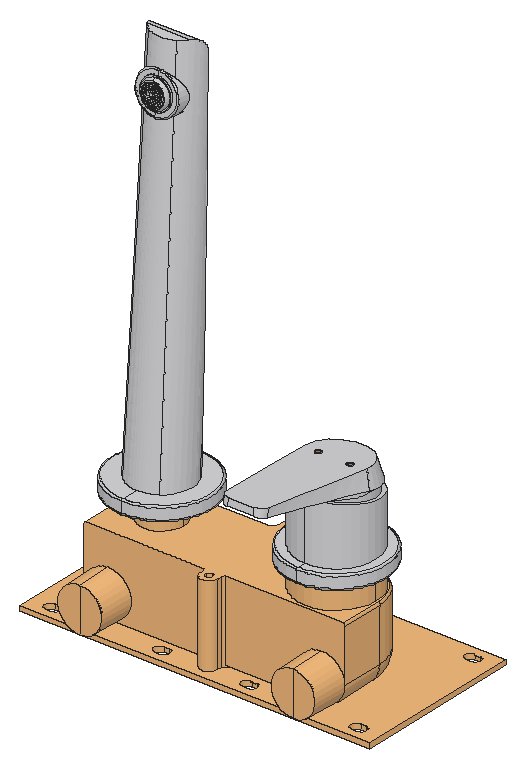
Revit family "Faucet-Wall_Mount-Lavatory-KOHLER-AVID-97358D-1", category Plumbing Fixtures, host Face, Revit 2017 (continued)
Definition of nested family "97358D"
  Lines and regions (in)
    symbolic lines, detail levels medium+fine
      curve 45: line (0, -0.51181, -0.25549) -> (0, -0.47699, -0.27559)
      curve 46: line (0, -0.51181, -0.25549) -> (0, -0.51181, -0.21696)
      curve 47: arc (0, -0.51181, -0.21696) -> (0, -0.50592, -0.20274) -> (0, -0.49171, -0.19685) r 0.02011
      curve 48: line (0, 0.31299, -0.19685) -> (0, 0.31299, -0.03937)
      curve 49: line (0, -0.31299, -0.19685) -> (0, -0.31299, -0.03937)
      curve 50: line (0, -0.51181, -0.25549) -> (0, 0.51181, -0.25549)
      curve 51: arc (0, -0.09394, 8.69597) -> (0, 0.16195, 8.18017) -> (0, -0.16621, 7.70705) r 0.56612
      curve 52: line (0.71724, 0, 0.31496) -> (-0.72126, 0, 0.31496)
      curve 53: spline (-0.61236, 0, 8.95093) -> (-0.61682, 0, 8.23127) -> (-0.62008, 0, 7.51159) -> (-0.62214, 0, 6.79192) -> (-0.623, 0, 6.07224) -> (-0.62267, 0, 5.35256) -> (-0.62114, 0, 4.63288) -> (-0.61841, 0, 3.91321) -> (-0.61449, 0, 3.19354) -> (-0.60936, 0, 2.47388) -> (-0.60304, 0, 1.75423) -> (-0.59552, 0, 1.03459) -> (-0.5868, 0, 0.31496)
      curve 54: spline (0.60567, 0, 1.71285) -> (0.61198, 0, 2.316) -> (0.61728, 0, 2.91916) -> (0.62157, 0, 3.52233) -> (0.62484, 0, 4.12551) -> (0.6271, 0, 4.72869) -> (0.62834, 0, 5.33187) -> (0.62857, 0, 5.93505) -> (0.62778, 0, 6.53824) -> (0.62598, 0, 7.14142) -> (0.62316, 0, 7.74459) -> (0.61933, 0, 8.34777) -> (0.61448, 0, 8.95093)
      curve 55: spline (0.58681, 0, 0.31496) -> (0.58862, 0, 0.43145) -> (0.59039, 0, 0.54794) -> (0.59212, 0, 0.66443) -> (0.59381, 0, 0.78091) -> (0.59545, 0, 0.8974) -> (0.59704, 0, 1.0139) -> (0.5986, 0, 1.13039) -> (0.60011, 0, 1.24688) -> (0.60158, 0, 1.36337) -> (0.60301, 0, 1.47986) -> (0.60439, 0, 1.59636) -> (0.60573, 0, 1.71285)
      curve 56: line (1.14173, 0, 0.28346) -> (-1.14173, 0, 0.28346)
      curve 57: line (1.14173, 0, 0.0315) -> (-1.14173, 0, 0.0315)
      curve 58: line (0.31299, 0, -0.03937) -> (-0.31299, 0, -0.03937)
      curve 59: line (0.51181, 0, -0.25549) -> (-0.51181, 0, -0.25549)
      curve 60: line (0.31299, 0, -0.19685) -> (-0.31299, 0, -0.19685)
      curve 61: line (0.47699, 0, -0.27559) -> (-0.47699, 0, -0.27559)
      curve 62: line (0.51181, 0, -0.53937) -> (-0.51181, 0, -0.53937)
      curve 63: line (4.90551, 0, -0.53937) -> (3.09449, 0, -0.53937)
      curve 64: line (4.90497, 0, 0.31496) -> (3.09449, 0, 0.31496)
      curve 65: line (5.14173, 0, 0.28346) -> (2.85827, 0, 0.28346)
      curve 66: line (5.14173, 0, 0.0315) -> (2.85827, 0, 0.0315)
      curve 67: spline (4, 0, 1.35217) -> (4.12249, 0, 1.35392) -> (4.24254, 0, 1.3585) -> (4.35802, 0, 1.3658) -> (4.46686, 0, 1.37572) -> (4.56713, 0, 1.38806) -> (4.65704, 0, 1.40261) -> (4.735, 0, 1.41911) -> (4.79961, 0, 1.43727) -> (4.84972, 0, 1.45676) -> (4.88443, 0, 1.47723) -> (4.90314, 0, 1.49832) -> (4.90551, 0, 1.51966)
      curve 68: spline (3.09622, 0, 1.52446) -> (3.09502, 0, 1.50272) -> (3.11082, 0, 1.48115) -> (3.14332, 0, 1.46016) -> (3.19192, 0, 1.44012) -> (3.25572, 0, 1.42141) -> (3.33355, 0, 1.40438) -> (3.42397, 0, 1.38934) -> (3.52529, 0, 1.37656) -> (3.63566, 0, 1.3663) -> (3.75303, 0, 1.35872) -> (3.87523, 0, 1.35398) -> (4, 0, 1.35217)
      curve 69: spline (4.79284, 0, 1.65786) -> (4.72768, 0, 1.62905) -> (4.62823, 0, 1.60336) -> (4.49916, 0, 1.582) -> (4.34658, 0, 1.56599) -> (4.17769, 0, 1.55608) -> (4.00046, 0, 1.55274) -> (3.82326, 0, 1.55613) -> (3.65446, 0, 1.56608) -> (3.50202, 0, 1.58213) -> (3.37314, 0, 1.60352) -> (3.2739, 0, 1.62924) -> (3.20899, 0, 1.65807)
      curve 70: arc (4.32225, 0, 1.38299) -> (4.00682, 0, 1.37016) -> (3.69138, 0, 1.38299) r 3.8827
      curve 71: arc (4.64473, 0, 1.42821) -> (4.48415, 0, 1.40093) -> (4.32225, 0, 1.38299) r 2.80984
      curve 72: arc (4.74815, 0, 1.46647) -> (4.69795, 0, 1.44327) -> (4.64473, 0, 1.42821) r 0.35241
      curve 73: arc (3.69138, 0, 1.38299) -> (3.57189, 0, 1.39467) -> (3.45284, 0, 1.41018) r 3.73503
      curve 74: arc (3.45284, 0, 1.41018) -> (3.36731, 0, 1.42696) -> (3.28379, 0, 1.45187) r 0.90647
      curve 75: arc (3.28379, 0, 1.45187) -> (3.25646, 0, 1.46368) -> (3.23102, 0, 1.47916) r 0.21403
      curve 76: line (4.79284, 0, 1.58905) -> (4.79284, 0, 1.52057)
      curve 77: line (3.20716, 0, 1.58905) -> (3.20716, 0, 1.51576)
      curve 78: arc (3.23102, 0, 1.47916) -> (3.2156, 0, 1.49519) -> (3.20716, 0, 1.51576) r 0.0594
      curve 79: arc (4.79284, 0, 1.52057) -> (4.77554, 0, 1.48935) -> (4.74815, 0, 1.46647) r 0.09732
      curve 80: spline (3.30011, 0, 2.10327) -> (3.31211, 0, 2.08551) -> (3.37549, 0, 2.06871) -> (3.48551, 0, 2.05413) -> (3.63396, 0, 2.04286) -> (3.80974, 0, 2.03574) -> (3.99973, 0, 2.03331) -> (4.18974, 0, 2.03573) -> (4.36557, 0, 2.04284) -> (4.51409, 0, 2.05411) -> (4.62421, 0, 2.06868) -> (4.6877, 0, 2.08547) -> (4.69982, 0, 2.10323)
      curve 81: spline (3.63499, 0, 2.11454) -> (3.65255, 0, 2.11433) -> (3.66891, 0, 2.1137) -> (3.68297, 0, 2.1127) -> (3.69375, 0, 2.11139) -> (3.70053, 0, 2.10987) -> (3.70284, 0, 2.10824) -> (3.70053, 0, 2.10661) -> (3.69375, 0, 2.1051) -> (3.68297, 0, 2.10379) -> (3.66891, 0, 2.10279) -> (3.65255, 0, 2.10216) -> (3.63499, 0, 2.10195)
      curve 82: spline (3.63499, 0, 2.10195) -> (3.61742, 0, 2.10216) -> (3.60106, 0, 2.10279) -> (3.58701, 0, 2.10379) -> (3.57622, 0, 2.1051) -> (3.56944, 0, 2.10661) -> (3.56713, 0, 2.10824) -> (3.56944, 0, 2.10987) -> (3.57622, 0, 2.11139) -> (3.58701, 0, 2.1127) -> (3.60106, 0, 2.1137) -> (3.61742, 0, 2.11433) -> (3.63499, 0, 2.11454)
      curve 83: spline (4.36448, 0, 2.10195) -> (4.34692, 0, 2.10216) -> (4.33055, 0, 2.10279) -> (4.3165, 0, 2.10379) -> (4.30572, 0, 2.1051) -> (4.29894, 0, 2.10661) -> (4.29663, 0, 2.10824) -> (4.29894, 0, 2.10987) -> (4.30572, 0, 2.11139) -> (4.3165, 0, 2.1127) -> (4.33055, 0, 2.1137) -> (4.34692, 0, 2.11433) -> (4.36448, 0, 2.11454)
      curve 84: spline (4.36448, 0, 2.11454) -> (4.38204, 0, 2.11433) -> (4.39841, 0, 2.1137) -> (4.41246, 0, 2.1127) -> (4.42324, 0, 2.11139) -> (4.43002, 0, 2.10987) -> (4.43233, 0, 2.10824) -> (4.43002, 0, 2.10661) -> (4.42324, 0, 2.1051) -> (4.41246, 0, 2.10379) -> (4.39841, 0, 2.10279) -> (4.38204, 0, 2.10216) -> (4.36448, 0, 2.10195)
      curve 85: line (3.90721, 0, -2.3874) -> (3.52937, 0, -2.3874)
      curve 86: line (3.90721, 0, -2.34803) -> (3.90721, 0, -1.6)
      curve 87: line (3.90721, 0, -1.6) -> (3.52937, 0, -1.6)
      curve 88: line (3.52937, 0, -1.6) -> (3.52937, 0, -2.34803)
      curve 89: line (2.2908, 0, -2.3874) -> (1.69962, 0, -2.3874)
      curve 90: line (1.69962, 0, -2.34803) -> (2.2908, 0, -2.34803)
      curve 91: line (3.93894, 0, -2.4924) -> (3.50971, 0, -2.4924)
      curve 92: line (3.54134, 0, -2.53965) -> (3.90748, 0, -2.53965)
      curve 93: line (3.54134, 0, -2.59649) -> (3.90707, 0, -2.59649)
      curve 94: line (3.90121, 0, -2.61453) -> (3.54579, 0, -2.61453)
      curve 95: line (1.81608, 0, -2.59649) -> (2.18181, 0, -2.59649)
      curve 96: line (2.17596, 0, -2.61453) -> (1.82053, 0, -2.61453)
      curve 97: line (-0.46012, 0, -2.59649) -> (-0.09439, 0, -2.59649)
      curve 98: line (-0.10025, 0, -2.61453) -> (-0.45568, 0, -2.61453)
      curve 99: line (2.18222, 0, -2.53965) -> (1.81608, 0, -2.53965)
      curve 100: line (2.21453, 0, -2.4924) -> (1.78446, 0, -2.4924)
      curve 101: line (-0.0894, 0, -2.3874) -> (-0.46405, 0, -2.3874)
      curve 102: line (-0.06167, 0, -2.4924) -> (-0.49074, 0, -2.4924)
      curve 103: line (-0.09314, 0, -2.53965) -> (-0.45928, 0, -2.53965)
      curve 104: line (-0.0894, 0, -2.34779) -> (-0.0894, 0, -1.6)
      curve 105: line (-0.0894, 0, -1.6) -> (-0.46405, 0, -1.6)
      curve 106: line (-0.46405, 0, -1.6) -> (-0.46405, 0, -2.34771)
      curve 107: line (2.22938, 0, -0.53937) -> (2.22938, 0, -1.81408)
      curve 108: line (1.77028, 0, -0.53937) -> (1.77028, 0, -1.81408)
      curve 109: line (2.19545, 0, -0.53937) -> (2.19545, 0, -1.81408)
      curve 110: line (1.80455, 0, -0.53937) -> (1.80455, 0, -1.81408)
      curve 111: line (2.22938, 0, -1.81408) -> (1.77028, 0, -1.81408)
      curve 112: arc (-0.45296, -0.542, 0) -> (-0.65899, -0.25429, 0) -> (-0.69963, 0.09723, 0) r 0.70635
      curve 113: arc (0.41354, -0.57264, 0) -> (-0.02496, -0.70591, 0) -> (-0.45296, -0.542, 0) r 0.70635
      curve 114: arc (0.7026, 0.07271, 0) -> (0.64464, -0.28874, 0) -> (0.41354, -0.57264, 0) r 0.70635
      curve 115: line (-0.4926, 0.19315, 0) -> (-0.61235, 0.55061, 0)
      curve 116: arc (-0.31602, 0.03406, 0) -> (-0.41231, 0.10473, 0) -> (-0.4926, 0.19315, 0) r 0.59677
      curve 117: arc (0.31528, 0.03359, 0) -> (-0.00043, -0.05222, 0) -> (-0.31602, 0.03406, 0) r 0.62203
      curve 118: arc (0.49294, 0.19315, 0) -> (0.41214, 0.10444, 0) -> (0.31528, 0.03359, 0) r 0.59958
      curve 119: line (0.6145, 0.55061, 0) -> (0.49294, 0.19315, 0)
      curve 120: line (-0.61235, 0.55061, 0) -> (-0.69963, 0.09723, 0)
      curve 121: line (0.6145, 0.55061, 0) -> (0.7026, 0.07271, 0)
      curve 122: line (-0.49737, -0.12659, 0) -> (-0.52772, 0.24787, 0)
      curve 123: spline (0, -0.28779, 0) -> (-0.07288, -0.28709, 0) -> (-0.1408, -0.28503, 0) -> (-0.19912, -0.28175, 0) -> (-0.24387, -0.27749, 0) -> (-0.272, -0.27252, 0) -> (-0.2816, -0.26718, 0) -> (-0.272, -0.26185, 0) -> (-0.24387, -0.25688, 0) -> (-0.19912, -0.25262, 0) -> (-0.1408, -0.24934, 0) -> (-0.07288, -0.24728, 0) -> (0, -0.24658, 0)
      curve 124: spline (0, -0.24658, 0) -> (0.07288, -0.24728, 0) -> (0.1408, -0.24934, 0) -> (0.19912, -0.25262, 0) -> (0.24387, -0.25688, 0) -> (0.272, -0.26185, 0) -> (0.2816, -0.26718, 0) -> (0.272, -0.27252, 0) -> (0.24387, -0.27749, 0) -> (0.19912, -0.28175, 0) -> (0.1408, -0.28503, 0) -> (0.07288, -0.28709, 0) -> (0, -0.28779, 0)
      curve 125: spline (-0.32092, -0.19179, 0) -> (-0.34146, -0.18773, 0) -> (-0.35245, -0.18347, 0) -> (-0.3536, -0.17914, 0) -> (-0.34486, -0.17485, 0) -> (-0.32648, -0.17073, 0) -> (-0.29898, -0.16689, 0) -> (-0.26312, -0.16344, 0) -> (-0.2199, -0.16047, 0) -> (-0.17054, -0.15808, 0) -> (-0.11641, -0.15632, 0) -> (-0.05903, -0.15524, 0) -> (0, -0.15488, 0)
      curve 126: spline (0, -0.15488, 0) -> (0.05905, -0.15524, 0) -> (0.11645, -0.15632, 0) -> (0.17059, -0.15808, 0) -> (0.21996, -0.16048, 0) -> (0.26318, -0.16344, 0) -> (0.29903, -0.1669, 0) -> (0.32653, -0.17074, 0) -> (0.34489, -0.17486, 0) -> (0.35361, -0.17915, 0) -> (0.35243, -0.18348, 0) -> (0.3414, -0.18774, 0) -> (0.32083, -0.19181, 0)
      curve 127: spline (-0.36207, -0.15028, 0) -> (-0.35898, -0.14682, 0) -> (-0.34974, -0.14342, 0) -> (-0.33451, -0.14014, 0) -> (-0.31356, -0.13703, 0) -> (-0.28725, -0.13415, 0) -> (-0.25602, -0.13154, 0) -> (-0.22042, -0.12926, 0) -> (-0.18104, -0.12733, 0) -> (-0.13856, -0.1258, 0) -> (-0.09371, -0.12469, 0) -> (-0.04726, -0.12401, 0) -> (0, -0.12379, 0)
      curve 128: spline (0, -0.12379, 0) -> (0.04726, -0.12401, 0) -> (0.09371, -0.12469, 0) -> (0.13856, -0.1258, 0) -> (0.18104, -0.12733, 0) -> (0.22042, -0.12926, 0) -> (0.25602, -0.13154, 0) -> (0.28725, -0.13415, 0) -> (0.31356, -0.13703, 0) -> (0.33451, -0.14014, 0) -> (0.34974, -0.14342, 0) -> (0.35898, -0.14682, 0) -> (0.36207, -0.15028, 0)
      curve 129: spline (0, -0.15722, 0) -> (-0.04208, -0.15742, 0) -> (-0.08343, -0.15802, 0) -> (-0.12336, -0.15901, 0) -> (-0.16117, -0.16038, 0) -> (-0.19623, -0.16209, 0) -> (-0.22794, -0.16413, 0) -> (-0.25574, -0.16645, 0) -> (-0.27916, -0.16901, 0) -> (-0.29781, -0.17178, 0) -> (-0.31137, -0.1747, 0) -> (-0.31959, -0.17772, 0) -> (-0.32235, -0.1808, 0)
      curve 130: spline (0.32231, -0.18115, 0) -> (0.32013, -0.17804, 0) -> (0.31236, -0.17498, 0) -> (0.29915, -0.17202, 0) -> (0.28072, -0.16921, 0) -> (0.2574, -0.16661, 0) -> (0.2296, -0.16425, 0) -> (0.19779, -0.16218, 0) -> (0.16253, -0.16044, 0) -> (0.12445, -0.15905, 0) -> (0.08419, -0.15804, 0) -> (0.04246, -0.15742, 0) -> (0, -0.15722, 0)
      curve 131: arc (-0.35626, -0.17321, 0) -> (-0.41661, -0.16787, 0) -> (-0.47557, -0.1539, 0) r 0.42011
      curve 132: arc (-0.47557, -0.1539, 0) -> (-0.49064, -0.14357, 0) -> (-0.49737, -0.12659, 0) r 0.03128
      curve 133: line (0.49737, -0.12659, 0) -> (0.52772, 0.24787, 0)
      curve 134: arc (0.35626, -0.17321, 0) -> (0.41661, -0.16787, 0) -> (0.47557, -0.1539, 0) r 0.42011
      curve 135: arc (0.47557, -0.1539, 0) -> (0.49064, -0.14357, 0) -> (0.49737, -0.12659, 0) r 0.03128
      curve 136: line (0.35433, -0.1808, 0) -> (0.36207, -0.15028, 0)
      curve 137: arc (0.2816, -0.26718, 0) -> (0.30937, -0.22767, 0) -> (0.32231, -0.18115, 0) r 0.14224
      curve 138: arc (-0.2816, -0.26718, 0) -> (-0.30963, -0.22761, 0) -> (-0.32235, -0.1808, 0) r 0.13892
      curve 139: line (-0.35433, -0.1808, 0) -> (-0.36207, -0.15028, 0)
      curve 140: arc (-0.24795, -0.12072, 0) -> (0.01944, -0.11378, 0) -> (0.28683, -0.12072, 0) r 5.15389
      curve 141: arc (-0.40551, -0.13206, 0) -> (-0.32679, -0.1256, 0) -> (-0.24795, -0.12072, 0) r 3.95114
      curve 142: arc (-0.46592, -0.14108, 0) -> (-0.43584, -0.13572, 0) -> (-0.40551, -0.13206, 0) r 0.54274
      curve 143: arc (-0.47557, -0.1539, 0) -> (-0.47316, -0.14567, 0) -> (-0.46592, -0.14108, 0) r 0.01215
      curve 144: arc (0.28683, -0.12072, 0) -> (0.34819, -0.12523, 0) -> (0.40929, -0.13239, 0) r 1.42602
      curve 145: arc (0.40929, -0.13239, 0) -> (0.43769, -0.13715, 0) -> (0.46578, -0.14347, 0) r 0.51985
      curve 146: arc (0.46578, -0.14347, 0) -> (0.4722, -0.14725, 0) -> (0.47557, -0.1539, 0) r 0.0133
      curve 147: arc (-0.15527, -0.09472, 0) -> (0.01262, -0.09368, 0) -> (0.18051, -0.09472, 0) r 13.5112
      curve 148: arc (-0.41614, -0.11022, 0) -> (-0.28589, -0.09941, 0) -> (-0.15527, -0.09472, 0) r 2.7858
      curve 149: arc (-0.47588, -0.1244, 0) -> (-0.44646, -0.11541, 0) -> (-0.41614, -0.11022, 0) r 0.24284
      curve 150: arc (-0.49064, -0.14357, 0) -> (-0.48599, -0.13188, 0) -> (-0.47588, -0.1244, 0) r 0.02295
      curve 151: arc (0.18051, -0.09472, 0) -> (0.28403, -0.09843, 0) -> (0.38726, -0.10696, 0) r 2.21695
      curve 152: arc (0.38726, -0.10696, 0) -> (0.43092, -0.11339, 0) -> (0.47392, -0.12332, 0) r 0.54729
      curve 153: arc (0.47392, -0.12332, 0) -> (0.48549, -0.1308, 0) -> (0.49064, -0.14357, 0) r 0.02281
      curve 154: line (-0.61235, 0.55061, 0) -> (0.6145, 0.55061, 0)
      curve 155: spline (3.51395, -2.54209, 0) -> (3.49465, -2.33198, 0) -> (3.47562, -2.12184, 0) -> (3.45686, -1.91168, 0) -> (3.43838, -1.70149, 0) -> (3.42017, -1.49128, 0) -> (3.40224, -1.28104, 0) -> (3.38458, -1.07078, 0) -> (3.36719, -0.8605, 0) -> (3.35008, -0.6502, 0) -> (3.33324, -0.43987, 0) -> (3.31668, -0.22953, 0) -> (3.30039, -0.01916, 0)
      curve 156: spline (3.30011, -0.01918, 0) -> (3.31183, 0.17001, 0) -> (3.37418, 0.3491, 0) -> (3.48259, 0.50492, 0) -> (3.62906, 0.626, 0) -> (3.80282, 0.70342, 0) -> (3.9911, 0.7315, 0) -> (4.18002, 0.70816, 0) -> (4.35569, 0.63512, 0) -> (4.50518, 0.51776, 0) -> (4.6175, 0.36472, 0) -> (4.68437, 0.18725, 0) -> (4.70088, -0.00159, 0)
      curve 157: spline (4.70088, -0.00159, 0) -> (4.68466, -0.21341, 0) -> (4.66817, -0.42521, 0) -> (4.65139, -0.63699, 0) -> (4.63434, -0.84875, 0) -> (4.61701, -1.06049, 0) -> (4.5994, -1.2722, 0) -> (4.58151, -1.48389, 0) -> (4.56335, -1.69556, 0) -> (4.5449, -1.9072, 0) -> (4.52618, -2.11882, 0) -> (4.50717, -2.33041, 0) -> (4.48789, -2.54198, 0)
      curve 158: spline (4.6977, -0.90375, 0) -> (4.70704, -0.83384, 0) -> (4.71642, -0.76394, 0) -> (4.72586, -0.69405, 0) -> (4.73536, -0.62416, 0) -> (4.74491, -0.55428, 0) -> (4.75452, -0.48441, 0) -> (4.76417, -0.41454, 0) -> (4.77389, -0.34469, 0) -> (4.78366, -0.27484, 0) -> (4.79348, -0.20499, 0) -> (4.80335, -0.13516, 0) -> (4.81329, -0.06533, 0)
      curve 159: spline (4.81247, -0.06521, 0) -> (4.81377, 0.16561, 0) -> (4.74875, 0.38738, 0) -> (4.62272, 0.58199, 0) -> (4.44595, 0.73357, 0) -> (4.23287, 0.82974, 0) -> (4.00088, 0.86266, 0) -> (3.76891, 0.82963, 0) -> (3.55588, 0.73336, 0) -> (3.37919, 0.58171, 0) -> (3.25324, 0.38704, 0) -> (3.18833, 0.16524, 0) -> (3.18974, -0.06558, 0)
      curve 160: spline (3.18883, -0.06572, 0) -> (3.19879, -0.13567, 0) -> (3.2087, -0.20564, 0) -> (3.21856, -0.27561, 0) -> (3.22836, -0.34559, 0) -> (3.2381, -0.41557, 0) -> (3.24779, -0.48557, 0) -> (3.25743, -0.55557, 0) -> (3.26701, -0.62557, 0) -> (3.27654, -0.69559, 0) -> (3.28602, -0.76561, 0) -> (3.29544, -0.83564, 0) -> (3.3048, -0.90568, 0)
      curve 161: arc (4, 0.90497, 0) -> (3.2005, 0.42399, 0) -> (3.25084, -0.50768, 0) r 0.90497
      curve 162: arc (4.75186, -0.50366, 0) -> (4.79836, 0.42613, 0) -> (4, 0.90497, 0) r 0.90497
      curve 163: spline (3.63499, -0.14006, 0) -> (3.65255, -0.13776, 0) -> (3.66891, -0.13101, 0) -> (3.68297, -0.12028, 0) -> (3.69375, -0.10628, 0) -> (3.70053, -0.08999, 0) -> (3.70284, -0.0725, 0) -> (3.70053, -0.05502, 0) -> (3.69375, -0.03872, 0) -> (3.68297, -0.02473, 0) -> (3.66891, -0.01399, 0) -> (3.65255, -0.00724, 0) -> (3.63499, -0.00494, 0)
      curve 164: spline (3.63499, -0.00494, 0) -> (3.61742, -0.00724, 0) -> (3.60106, -0.01399, 0) -> (3.58701, -0.02473, 0) -> (3.57622, -0.03872, 0) -> (3.56944, -0.05502, 0) -> (3.56713, -0.0725, 0) -> (3.56944, -0.08999, 0) -> (3.57622, -0.10628, 0) -> (3.58701, -0.12028, 0) -> (3.60106, -0.13101, 0) -> (3.61742, -0.13776, 0) -> (3.63499, -0.14006, 0)
      curve 165: spline (4.36448, -0.14006, 0) -> (4.38204, -0.13776, 0) -> (4.39841, -0.13101, 0) -> (4.41246, -0.12028, 0) -> (4.42324, -0.10628, 0) -> (4.43002, -0.08999, 0) -> (4.43233, -0.0725, 0) -> (4.43002, -0.05502, 0) -> (4.42324, -0.03872, 0) -> (4.41246, -0.02473, 0) -> (4.39841, -0.01399, 0) -> (4.38204, -0.00724, 0) -> (4.36448, -0.00494, 0)
      curve 166: spline (4.36448, -0.00494, 0) -> (4.34692, -0.00724, 0) -> (4.33055, -0.01399, 0) -> (4.3165, -0.02473, 0) -> (4.30572, -0.03872, 0) -> (4.29894, -0.05502, 0) -> (4.29663, -0.0725, 0) -> (4.29894, -0.08999, 0) -> (4.30572, -0.10628, 0) -> (4.3165, -0.12028, 0) -> (4.33055, -0.13101, 0) -> (4.34692, -0.13776, 0) -> (4.36448, -0.14006, 0)
    symbolic lines, detail levels coarse
      curve 167: line (2.39483, 0, -0.9207) -> (2.39483, 0, -1.17978)
      curve 168: line (2.39483, 0, -1.17978) -> (1.60743, 0, -0.9207)
      curve 169: line (1.60743, 0, -0.9207) -> (1.60743, 0, -1.17978)
      curve 170: line (1.60743, 0, -1.17978) -> (2.39483, 0, -0.9207)
      curve 171: line (2.00113, 0, -1.05024) -> (2.00113, 0, -1.4078)
      curve 172: arc (2.39139, 0, -1.4078) -> (1.99769, 0, -1.62647) -> (1.60399, 0, -1.4078) r 0.46375
      curve 173: line (2.39139, 0, -1.4078) -> (1.60399, 0, -1.4078)
  Dimensions and locks (in)
    aligned and locked: plane 2 to level
